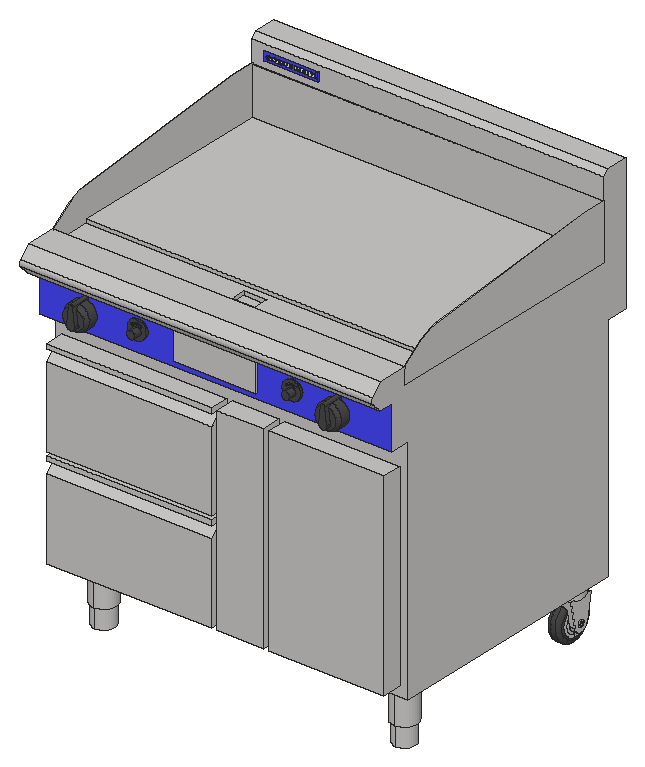
Revit family "QF_MOFFAT_BLUESEAL_CE_GP516-RB", category Specialty Equipment, Revit 2012
Parameters
  Weight in Pounds = 440  # constant formula
  Width [instance] = 900 mm  # constant formula
  Watts = Volts * FL Amps  # 414 W
  Volts = 230 V
  URL Cutsheet = "www.moffat.com"
  URL = "www.moffat.com"
  Type Mark [instance] = ""
  Status [instance] = ""
  Specification by User [instance] = ""
  Specification by Manufacturer = ""
  Show Logo [instance] = yes
  Show Door [instance] = no
  Show Clearance [instance] = yes
  Show Casters [instance] = yes
  Serial Number = ""
  Seismic Rating = ""
  SMACNA No = ""
  Revision Code [instance] = ""
  Phase = 1
  Omniclass Number and Title = ""
  Number of Poles = 1
  NAFEM Spec ID Number = ""
  Model = "GP516-RB"
  Min Ckt Ampacity = 0 A
  Mechanical Remarks = ""
  Mechanical Connection Type = ""
  Max Overcurrent Protection = 0 A
  Masterspec = ""
  Manufacturer = "MOFFAT BLUESEAL"
  Legs [instance] = not(Show Casters)  # no
  Item Number [instance] = ""
  Installed By [instance] = ""
  Identify Quantity as Lot [instance] = yes
  Height = 1085 mm  # constant formula
  HP = ""
  Gas Size = 3/4"
  Gas RI Height [instance] = 0 mm
  Gas KW = 22.2
  Gas Input = 75825.0 Btu/h
  Gas Connection Height = 0 mm
  Furnished By [instance] = ""
  Foodservice Equipment Identifier [instance] = yes
  FL Amps = 1.8 A
  Elec Conn RI Height = 0 mm
  Elec Conn Connection Height = 0 mm
  Drawer Clearance [instance] = and(Show Clearance, and(Drawer))  # yes
  Drawer [instance] = not(Show Door)  # yes
  Door Clearance [instance] = and(Show Clearance, and(Show Door))  # no
  Description = "900MM GAS GRIDDLE PLATE ON REFRIGERATED BASE"
  Depth [instance] = 812 mm  # constant formula
  Cycle = 50 Hz
  Conn Plug = ""
  Conn Conduit = yes
  CSI MasterFormat = ""
  CSI Master Format = ""
  Back Splash [instance] = 215 mm  # constant formula
  Apparent Power = if(Phase = 3, Volts * FL Amps * 1.73, Volts * FL Amps)  # 414 VA
Reference planes
  plane 1 "BACK": y = 0
  plane 2: z = 0
  plane 3 "LEFT": x = 0
  plane 4 "RIGHT": x = 900
  plane 5 "FRONT": y = -812
  plane 6 "TOP": z = 970
  plane 7 "Center Y": x = 450
  plane 8 "Center X": y = -406
  plane 9 "Base Height": z = 150
  plane 10: z = 915
  plane 11: x = 65
  plane 12: x = 834
  plane 13: y = -625
  plane 14: x = 770
  plane 15: z = 655
  plane 16: y = -32
  plane 17: z = 402
  plane 18: z = 1085
  plane 19: y = -100
Forms (mm)
  Extrusion 1, solid, material "QF_Finishes_Stainless Steel"
    sketch origin (0, 0, 0) x (0, 1, 0) y (0, 0, 1)
      loop
        line (-697, 150) -> (-57, 150) -> (-57, 740) -> (0, 740) -> (0, 1085) -> (-57.5, 1085) -> (-70, 1072.5) -> (-70, 875) -> (-705, 875) -> (-705, 915) -> (-783.97, 915) -> (-808.485, 890.485)
        arc (-808.485, 890.485) -> (-811.999, 882) -> (-808.485, 873.515) r 12
        line (-808.485, 873.515) -> (-784.97, 850) -> (-749, 850) -> (-749, 740) -> (-697, 740) -> (-697, 150)
    from 0 to 900
  Revolve 2, solid, material "QF_Finishes_Stainless Steel", visible <- "Legs"
    sketch origin (834, -210, 0) x (0, 1, 0) y (0, 0, -1)
      loop
        line (78.25, -150) -> (110, -150) -> (110, 0) -> (82.5, 0) -> (82.5, -50) -> (78.25, -50) -> (78.25, -150)
      axis (110, -150) -> (110, 0)
    angle from 0 to 360
  Revolve 3, solid, material "QF_Finishes_Stainless Steel"
    sketch origin (834, -735, 0) x (0, 1, 0) y (0, 0, -1)
      loop
        line (78.25, -150) -> (110, -150) -> (110, 0) -> (82.5, 0) -> (82.5, -50) -> (78.25, -50) -> (78.25, -150)
      axis (110, -150) -> (110, 0)
    angle from 0 to 360
  Revolve 4, solid, material "QF_Finishes_Stainless Steel", visible <- "Legs"
    sketch origin (65, -210, 0) x (0, 1, 0) y (0, 0, -1)
      loop
        line (78.25, -150) -> (110, -150) -> (110, 0) -> (82.5, 0) -> (82.5, -50) -> (78.25, -50) -> (78.25, -150)
      axis (110, -150) -> (110, 0)
    angle from 0 to 360
  Revolve 5, solid, material "QF_Finishes_Stainless Steel"
    sketch origin (65, -735, 0) x (0, 1, 0) y (0, 0, -1)
      loop
        line (78.25, -150) -> (110, -150) -> (110, 0) -> (82.5, 0) -> (82.5, -50) -> (78.25, -50) -> (78.25, -150)
      axis (110, -150) -> (110, 0)
    angle from 0 to 360
  Extrusion 6, solid, material "QF_Finishes_Stainless Steel"
    sketch origin (0, 0, 740) x (-1, 0, 0) y (0, 1, 0)
      loop
        circle (-770, -32) r 9.525
    from 0 to 85
  Extrusion 7, solid, material "QF_Finishes_Stainless Steel"
    sketch origin (0, -57, 685) x (0, 0, 1) y (1, 0, 0)
      loop
        circle (-265, 620) r 13.5
    from 0 to 3.18
  Revolve 8, solid, material "QF_Finishes_Black"
    sketch origin (127.5, 0, 597.8) x (0, 1, 0) y (0, 0, -1)
      loop
        line (-789, -229.5) -> (-766, -229.5) -> (-766, -202) -> (-756, -202) -> (-756, -197) -> (-800, -197) -> (-800, -223.651) -> (-789, -229.5)
      axis (-800, -197) -> (-756, -197)
    angle from 0 to 360
  Extrusion 9, solid, material "QF_Finishes_Black"
    sketch origin (265.77, 0, 597.958) x (-1, 0, 0) y (0, 0, -1)
      loop
        line (127.85, -186.037) -> (133.271, -228.955)
        arc (133.271, -228.955) -> (138.27, -233.842) -> (143.268, -228.955) r 5
        line (143.268, -228.955) -> (148.757, -184.87)
        arc (148.757, -184.87) -> (137.685, -174.371) -> (127.85, -186.037) r 10.487
    from 759 to 808
  Revolve 10, solid, material "QF_Finishes_Black"
    sketch origin (772.616, 0, 597.8) x (0, 1, 0) y (0, 0, -1)
      loop
        line (-789, -229.5) -> (-766, -229.5) -> (-766, -202) -> (-756, -202) -> (-756, -197) -> (-800, -197) -> (-800, -223.651) -> (-789, -229.5)
      axis (-800, -197) -> (-756, -197)
    angle from 0 to 360
  Extrusion 11, solid, material "QF_Finishes_Black"
    sketch origin (910.885, 0, 597.958) x (-1, 0, 0) y (0, 0, -1)
      loop
        line (127.85, -186.037) -> (133.271, -228.955)
        arc (133.271, -228.955) -> (138.27, -233.842) -> (143.268, -228.955) r 5
        line (143.268, -228.955) -> (148.757, -184.87)
        arc (148.757, -184.87) -> (137.685, -174.371) -> (127.85, -186.037) r 10.487
    from 759 to 808
  Revolve 12, solid, material "QF_Finishes_Stainless Steel", visible <- "Show Casters"
    sketch origin (485.423, -100.755, -12.798) x (1, 0, 0) y (0, 0, 1)
      loop
        line (314.841, 63.604) -> (383.584, 63.604) -> (383.584, 67.109) -> (382.314, 68.379) -> (380.79, 68.379) -> (380.79, 71.826) -> (368.644, 71.826) -> (368.644, 81.79) -> (365.088, 83.843) -> (363.738, 92.179) -> (365.881, 92.179) -> (365.881, 98.529) -> (365.088, 98.529) -> (365.088, 104.879)
        arc (365.088, 104.879) -> (362.298, 111.614) -> (355.563, 114.404) r 9.525
        line (355.563, 114.404) -> (342.863, 114.404)
        arc (342.863, 114.404) -> (336.127, 111.614) -> (333.338, 104.879) r 9.525
        line (333.338, 104.879) -> (333.338, 98.529) -> (332.544, 98.529) -> (332.544, 92.179) -> (334.687, 92.179) -> (333.352, 83.932) -> (329.782, 81.871) -> (329.782, 71.826) -> (317.635, 71.826) -> (317.635, 68.379) -> (316.111, 68.379) -> (314.841, 67.109) -> (314.841, 63.604)
      axis (314.841, 63.604) -> (383.584, 63.604)
    angle from 0 to 360
  Extrusion 13, solid, material "QF_Finishes_Stainless Steel", visible <- "Show Casters"
    sketch origin (841.147, 132.353, -9.137) x (0, 1, 0) y (0, 0, 1)
      loop
        line (-200.603, 118.783) -> (-264.103, 118.783) -> (-251.746, 53.895)
        arc (-251.746, 53.895) -> (-232.353, 38.783) -> (-212.959, 53.895) r 20
        line (-212.959, 53.895) -> (-200.603, 118.783)
    from -35.667 to 22.923
  Revolve 14, solid, material "QF_Finishes_Stainless Steel", visible <- "Show Casters"
    sketch origin (834.646, -204, -0.354) x (0, 1, 0) y (0, 0, 1)
      loop
        line (68.25, 150) -> (68.25, 110) -> (104, 110) -> (104, 150) -> (68.25, 150)
      axis (104, 150) -> (104, 110)
    angle from 0 to 360
  Revolve 15, solid, material "QF_Finishes_Stainless Steel", visible <- "Show Casters"
    sketch origin (-283.577, -100.755, -12.798) x (1, 0, 0) y (0, 0, 1)
      loop
        line (314.841, 63.604) -> (383.584, 63.604) -> (383.584, 67.109) -> (382.314, 68.379) -> (380.79, 68.379) -> (380.79, 71.826) -> (368.644, 71.826) -> (368.644, 81.79) -> (365.088, 83.843) -> (363.738, 92.179) -> (365.881, 92.179) -> (365.881, 98.529) -> (365.088, 98.529) -> (365.088, 104.879)
        arc (365.088, 104.879) -> (362.298, 111.614) -> (355.563, 114.404) r 9.525
        line (355.563, 114.404) -> (342.863, 114.404)
        arc (342.863, 114.404) -> (336.127, 111.614) -> (333.338, 104.879) r 9.525
        line (333.338, 104.879) -> (333.338, 98.529) -> (332.544, 98.529) -> (332.544, 92.179) -> (334.687, 92.179) -> (333.352, 83.932) -> (329.782, 81.871) -> (329.782, 71.826) -> (317.635, 71.826) -> (317.635, 68.379) -> (316.111, 68.379) -> (314.841, 67.109) -> (314.841, 63.604)
      axis (314.841, 63.604) -> (383.584, 63.604)
    angle from 0 to 360
  Extrusion 16, solid, material "QF_Finishes_Stainless Steel", visible <- "Show Casters"
    sketch origin (72.147, 132.353, -9.137) x (0, 1, 0) y (0, 0, 1)
      loop
        line (-200.603, 118.783) -> (-264.103, 118.783) -> (-251.746, 53.895)
        arc (-251.746, 53.895) -> (-232.353, 38.783) -> (-212.959, 53.895) r 20
        line (-212.959, 53.895) -> (-200.603, 118.783)
    from -35.667 to 22.923
  Revolve 17, solid, material "QF_Finishes_Stainless Steel", visible <- "Show Casters"
    sketch origin (65.646, -204, -0.354) x (0, 1, 0) y (0, 0, 1)
      loop
        line (68.25, 150) -> (68.25, 110) -> (104, 110) -> (104, 150) -> (68.25, 150)
      axis (104, 150) -> (104, 110)
    angle from 0 to 360
  Extrusion 18, solid, material "QF_Finishes_Stainless Steel"
    sketch origin (0, -749, 866) x (0, 0, -1) y (1, 0, 0)
      loop
        line (112.1, 345) -> (112.1, 555) -> (25.201, 555) -> (25.201, 345) -> (112.1, 345)
    from 0 to 2
  Extrusion 19, solid, material "QF_Finishes_Stainless Steel"
    sketch origin (0, -751, 866) x (0, 0, -1) y (1, 0, 0)
      loop
        line (31, 555) -> (24, 555) -> (24, 345) -> (31, 345) -> (31, 555)
    from 0 to 5
  Extrusion 20, solid, material "QF_Finishes_Black"
    sketch origin (17.5, -749, 864.306) x (0, 0, -1) y (1, 0, 0)
      loop
        circle (70, 235) r 24
      loop
        arc (60.1, 249.913) -> (52.064, 235.125) -> (59.882, 220.219) r 17.868
        arc (59.882, 220.219) -> (60.362, 219.934) -> (60.877, 220.149) r 0.621
        arc (60.877, 220.149) -> (62.314, 222.708) -> (62.658, 225.622) r 7.495
        arc (62.658, 225.622) -> (62.454, 226.55) -> (62.006, 227.388) r 3.472
        arc (62.006, 227.388) -> (59.714, 234.851) -> (61.844, 242.362) r 13.786
        arc (61.844, 242.362) -> (62.484, 243.632) -> (62.749, 245.028) r 5.101
        arc (62.749, 245.028) -> (62.378, 247.547) -> (61.084, 249.739) r 6.611
        arc (61.084, 249.739) -> (60.622, 249.997) -> (60.1, 249.913) r 0.806
    from 0 to 5
  Extrusion 21, solid, material "QF_Finishes_Black"
    sketch origin (17.5, -754, 864.306) x (0, 0, -1) y (1, 0, 0)
      loop
        circle (73.5, 235) r 10
    from 0 to 18.251
  Extrusion 22, solid, material "QF_Finishes_Black"
    sketch origin (413.125, -749, 864.306) x (0, 0, -1) y (1, 0, 0)
      loop
        circle (70, 235) r 24
      loop
        arc (60.1, 249.913) -> (52.064, 235.125) -> (59.882, 220.219) r 17.868
        arc (59.882, 220.219) -> (60.362, 219.934) -> (60.877, 220.149) r 0.621
        arc (60.877, 220.149) -> (62.314, 222.708) -> (62.658, 225.622) r 7.495
        arc (62.658, 225.622) -> (62.454, 226.55) -> (62.006, 227.388) r 3.472
        arc (62.006, 227.388) -> (59.714, 234.851) -> (61.844, 242.362) r 13.786
        arc (61.844, 242.362) -> (62.484, 243.632) -> (62.749, 245.028) r 5.101
        arc (62.749, 245.028) -> (62.378, 247.547) -> (61.084, 249.739) r 6.611
        arc (61.084, 249.739) -> (60.622, 249.997) -> (60.1, 249.913) r 0.806
    from 0 to 5
  Extrusion 23, solid, material "QF_Finishes_Black"
    sketch origin (413.125, -754, 864.306) x (0, 0, -1) y (1, 0, 0)
      loop
        circle (73.5, 235) r 10
    from 0 to 18.251
  Extrusion 24, solid, material "QF_Finishes_Stainless Steel"
    sketch origin (0, 0, 0) x (0, 1, 0) y (0, 0, 1)
      loop
        line (-699, 678) -> (-747, 678) -> (-747, 665) -> (-715.13, 665) -> (-749, 636.579) -> (-749, 431) -> (-699, 431) -> (-699, 678)
      loop
        line (-749, 175) -> (-699, 175) -> (-699, 421) -> (-747, 421) -> (-747, 408) -> (-715.13, 408) -> (-749, 379.579) -> (-749, 175)
    from 17.986 to 440
  Extrusion 25, solid, material "QF_Finishes_Stainless Steel"
    sketch origin (723.5, 0, 0) x (0, 1, 0) y (0, 0, 1)
      loop
        line (-699, 678) -> (-749, 678) -> (-749, 175) -> (-699, 175) -> (-699, 678)
    from -270.5 to -150.5
  Extrusion 26, solid, material "QF_Door-Drawer Clearances", visible <- "Show Clearance", detail levels coarse
    sketch origin (0, -749, 676) x (0, 0, -1) y (1, 0, 0)
      loop
        line (501, 440) -> (255, 440) -> (255, 17.986) -> (501, 17.986) -> (501, 440)
      loop
        line (245, 440) -> (-2, 440) -> (-2, 17.986) -> (245, 17.986) -> (245, 440)
    from 0 to 304.8
  Extrusion 27, solid, material "QF_Finishes_Stainless Steel"
    sketch origin (1031.5, 0, 0) x (0, 1, 0) y (0, 0, 1)
      loop
        line (-699, 678) -> (-749, 678) -> (-749, 175) -> (-699, 175) -> (-699, 678)
    from -444.5 to -150.5
Cuts and joins
  joined: Extrusion 18, Extrusion 19
Lines and regions (mm)
  Split face 1
    outline origin (0, 612.322, 1085) x (0, -1, 0) y (1, 0, 0)
      loop
        arc (657.707, 566) -> (652.707, 574.66) -> (642.707, 574.66) r 10
        line (642.707, 574.66) -> (635.707, 570.619)
        arc (635.707, 570.619) -> (632.047, 566.959) -> (630.707, 561.959) r 10
        line (630.707, 561.959) -> (630.707, 334)
        arc (630.707, 334) -> (635.707, 325.34) -> (645.707, 325.34) r 10
        line (645.707, 325.34) -> (652.707, 329.381)
        arc (652.707, 329.381) -> (656.368, 333.041) -> (657.707, 338.041) r 10
        line (657.707, 338.041) -> (657.707, 566)
  Split face 2
    outline origin (0, 612.322, 1085) x (0, -1, 0) y (1, 0, 0)
      loop
        arc (630.707, 624) -> (635.707, 615.34) -> (645.707, 615.34) r 10
        line (645.707, 615.34) -> (652.707, 619.381)
        arc (652.707, 619.381) -> (656.368, 623.041) -> (657.707, 628.041) r 10
        line (657.707, 628.041) -> (657.707, 856)
        arc (657.707, 856) -> (652.707, 864.66) -> (642.707, 864.66) r 10
        line (642.707, 864.66) -> (635.707, 860.619)
        arc (635.707, 860.619) -> (632.047, 856.959) -> (630.707, 851.959) r 10
        line (630.707, 851.959) -> (630.707, 624)
  Split face 3
    outline origin (0, 612.322, 1085) x (0, -1, 0) y (1, 0, 0)
      loop
        arc (657.707, 276) -> (652.707, 284.66) -> (642.707, 284.66) r 10
        line (642.707, 284.66) -> (635.707, 280.619)
        arc (635.707, 280.619) -> (632.047, 276.959) -> (630.707, 271.959) r 10
        line (630.707, 271.959) -> (630.707, 44)
        arc (630.707, 44) -> (635.707, 35.34) -> (645.707, 35.34) r 10
        line (645.707, 35.34) -> (652.707, 39.381)
        arc (652.707, 39.381) -> (656.368, 43.041) -> (657.707, 48.041) r 10
        line (657.707, 48.041) -> (657.707, 276)
  Split face 4
    outline origin (345, -751, 753.9) x (0, 0, -1) y (1, 0, 0)
      loop
        arc (-69, 112) -> (-73, 116) -> (-77, 112) r 4
        line (-77, 112) -> (-77, 98)
        arc (-77, 98) -> (-73, 94) -> (-69, 98) r 4
        line (-69, 98) -> (-69, 112)
  Split face 5
    outline origin (1031.5, -749, 676) x (0, 0, -1) y (1, 0, 0)
      loop
        line (291.62, -416.534) -> (481.62, -416.534) -> (481.62, -181.534) -> (291.62, -181.534) -> (291.62, -416.534)
  Split face 6
    outline origin (1031.5, -749, 931) x (0, 0, -1) y (1, 0, 0)
      loop
        line (291.62, -416.534) -> (356.62, -416.534) -> (356.62, -181.534) -> (291.62, -181.534) -> (291.62, -416.534)
  Split face 7
    outline origin (1031.5, -749, 807.725) x (0, 0, -1) y (1, 0, 0)
      loop
        line (307.841, -274.649) -> (342.841, -274.649) -> (342.841, -219.649) -> (307.841, -219.649) -> (307.841, -274.649)
  Split face 8
    outline origin (939.097, -749, 808.536) x (0, 0, -1) y (1, 0, 0)
      loop
        line (307.841, -274.649) -> (342.841, -274.649) -> (342.841, -239.649) -> (307.841, -239.649) -> (307.841, -274.649)
  symbolic lines
    curve 1: line (0, 0, 0) -> (0, -812, 0)
    curve 2: line (900, 0, 0) -> (0, 0, 0)
    curve 3: line (900, -812, 0) -> (900, 0, 0)
    curve 4: line (0, -812, 0) -> (900, -812, 0)
    curve 13: line (0, -783.97, 0) -> (900, -783.97, 0)
    curve 14: line (44, -18.385, 0) -> (271.959, -18.385, 0)
    curve 15: arc (271.959, -18.385, 0) -> (276.959, -19.725, 0) -> (280.619, -23.385, 0) r 10
    curve 16: line (280.619, -23.385, 0) -> (284.66, -30.385, 0)
    curve 17: arc (284.66, -30.385, 0) -> (284.66, -40.385, 0) -> (276, -45.385, 0) r 10
    curve 18: line (276, -45.385, 0) -> (48.041, -45.385, 0)
    curve 19: arc (48.041, -45.385, 0) -> (43.041, -44.045, 0) -> (39.381, -40.385, 0) r 10
    curve 20: line (39.381, -40.385, 0) -> (35.34, -33.385, 0)
    curve 21: arc (35.34, -33.385, 0) -> (35.34, -23.385, 0) -> (44, -18.385, 0) r 10
    curve 22: line (561.959, -18.385, 0) -> (334, -18.385, 0)
    curve 23: arc (334, -18.385, 0) -> (325.34, -23.385, 0) -> (325.34, -33.385, 0) r 10
    curve 24: line (325.34, -33.385, 0) -> (329.381, -40.385, 0)
    curve 25: arc (329.381, -40.385, 0) -> (333.041, -44.045, 0) -> (338.041, -45.385, 0) r 10
    curve 26: line (338.041, -45.385, 0) -> (566, -45.385, 0)
    curve 27: arc (566, -45.385, 0) -> (574.66, -40.385, 0) -> (574.66, -30.385, 0) r 10
    curve 28: line (574.66, -30.385, 0) -> (570.619, -23.385, 0)
    curve 29: arc (570.619, -23.385, 0) -> (566.959, -19.725, 0) -> (561.959, -18.385, 0) r 10
    curve 30: line (851.959, -18.385, 0) -> (624, -18.385, 0)
    curve 31: arc (624, -18.385, 0) -> (615.34, -23.385, 0) -> (615.34, -33.385, 0) r 10
    curve 32: line (615.34, -33.385, 0) -> (619.381, -40.385, 0)
    curve 33: arc (619.381, -40.385, 0) -> (623.041, -44.045, 0) -> (628.041, -45.385, 0) r 10
    curve 34: line (628.041, -45.385, 0) -> (856, -45.385, 0)
    curve 35: arc (856, -45.385, 0) -> (864.66, -40.385, 0) -> (864.66, -30.385, 0) r 10
    curve 36: line (864.66, -30.385, 0) -> (860.619, -23.385, 0)
    curve 37: arc (860.619, -23.385, 0) -> (856.959, -19.725, 0) -> (851.959, -18.385, 0) r 10
    curve 38: line (900, -57, 0) -> (0, -57, 0)
  symbolic lines, style "SpecialityEquipmentHiddenLines", visible <- "Show Casters"
    curve 5: line (875.952, -62.61, 0) -> (825.152, -150.598, 0)
    curve 6: line (848.456, -46.735, 0) -> (875.952, -62.61, 0)
    curve 7: line (797.656, -134.723, 0) -> (848.456, -46.735, 0)
    curve 8: line (825.152, -150.598, 0) -> (797.656, -134.723, 0)
    curve 9: line (106.952, -62.61, 0) -> (56.152, -150.598, 0)
    curve 10: line (79.456, -46.735, 0) -> (106.952, -62.61, 0)
    curve 11: line (28.656, -134.723, 0) -> (79.456, -46.735, 0)
    curve 12: line (56.152, -150.598, 0) -> (28.656, -134.723, 0)
  symbolic lines, style "QF_Door-Drawer Clearances"
    curve 39: line (17.986, -1053.8, 0) -> (17.986, -812, 0)
    curve 40: line (17.986, -1053.8, 0) -> (440, -1053.8, 0)
    curve 41: line (440, -1053.8, 0) -> (440, -812, 0)
Dimensions and locks
  equal spacing: plane 3 "LEFT", plane 7 "Center Y", plane 4 "RIGHT"
  "Width": plane 3 "LEFT" to plane 4 "RIGHT"
  equal spacing: plane 5 "FRONT", plane 8 "Center X", plane 1 "BACK"
  "Depth": plane 5 "FRONT" to plane 1 "BACK"
  locked: plane 10 to level at 915
  locked: plane 9 "Base Height" to level at 150
  plane 6 "TOP" to plane 10 = 55 mm
  plane 12 to plane 11 = 769 mm
  plane 14 to plane 4 "RIGHT" = 130 mm
  plane 15 to level = 655 mm
  plane 16 to plane 1 "BACK" = 32 mm
  plane 17 to level = 402 mm
  Revolve 12 sketch curve to Revolve 12 sketch curve = 50.8 mm
  Revolve 15 sketch curve to Revolve 15 sketch curve = 50.8 mm
  "Height": plane 18 to level
  Extrusion 7 sketch curve to plane 4 "RIGHT" = 280 mm
  Extrusion 7 sketch curve to level = 420 mm
  Extrusion 6 sketch curve to plane 4 "RIGHT" = 130 mm
  aligned and locked: level to plane 2
Automatic sketch dimensions
  Extrusion 1 sketch curve to plane 10 = 0 mm
  Extrusion 1 sketch curve to plane 9 "Base Height" = 0 mm
  Extrusion 1 sketch curve to plane 18 = 0 mm
  Extrusion 1 sketch curve to plane 1 "BACK" = 0 mm
  Extrusion 1 sketch curve to plane 16 = 25 mm
  Extrusion 1 sketch curve to plane 16 = 25.5 mm
  Extrusion 1 sketch curve to plane 19 = 30 mm
  Extrusion 1 sketch curve to plane 13 = 72 mm
  Extrusion 1 sketch curve to plane 13 = 80 mm
  Extrusion 1 sketch curve to Extrusion 1 sketch curve = 44 mm
  Extrusion 1 sketch curve to plane 5 "FRONT" = 28.03 mm
  Extrusion 1 sketch curve to plane 5 "FRONT" = 27.03 mm
  Extrusion 1 sketch curve to plane 5 "FRONT" = 12.001 mm
  Extrusion 1 sketch curve to plane 5 "FRONT" = 3.515 mm  (x2)
  plane 15 to Extrusion 1 sketch curve = 85 mm  (x2)
  Extrusion 1 sketch curve to plane 10 = 65 mm
  Extrusion 1 sketch curve to Extrusion 1 sketch curve = 23.515 mm
  Extrusion 1 sketch curve to Extrusion 1 sketch curve = 40 mm
  Extrusion 1 sketch curve to Extrusion 1 sketch curve = 8.485 mm
  Extrusion 1 sketch curve to plane 18 = 12.5 mm
  Revolve 2 sketch curve to plane 9 "Base Height" = 0 mm
  Revolve 2 sketch curve to level = 0 mm
  Revolve 2 sketch curve to plane 19 = 0 mm  (x2)
  plane 19 to Revolve 2 sketch curve = 27.5 mm
  plane 19 to Revolve 2 sketch curve = 31.75 mm
  level to Revolve 2 sketch curve = 50 mm
  Revolve 2 sketch curve to Revolve 2 sketch curve = 0 mm
  Revolve 2 sketch curve to Revolve 2 sketch curve = 55 mm
  Revolve 3 sketch curve to plane 9 "Base Height" = 0 mm
  Revolve 3 sketch curve to level = 0 mm
  Revolve 3 sketch curve to plane 13 = 0 mm  (x2)
  Revolve 3 sketch curve to plane 13 = 27.5 mm
  Revolve 3 sketch curve to plane 13 = 31.75 mm
  level to Revolve 3 sketch curve = 50 mm
  Revolve 3 sketch curve to Revolve 3 sketch curve = 0 mm
  Revolve 3 sketch curve to Revolve 3 sketch curve = 55 mm
  Revolve 4 sketch curve to plane 9 "Base Height" = 0 mm
  Revolve 4 sketch curve to level = 0 mm
  Revolve 4 sketch curve to plane 19 = 0 mm  (x2)
  plane 19 to Revolve 4 sketch curve = 27.5 mm
  plane 19 to Revolve 4 sketch curve = 31.75 mm
  level to Revolve 4 sketch curve = 50 mm
  Revolve 4 sketch curve to Revolve 4 sketch curve = 0 mm
  Revolve 4 sketch curve to Revolve 4 sketch curve = 55 mm
  Revolve 5 sketch curve to plane 9 "Base Height" = 0 mm
  Revolve 5 sketch curve to level = 0 mm
  Revolve 5 sketch curve to plane 13 = 0 mm  (x2)
  Revolve 5 sketch curve to plane 13 = 27.5 mm
  Revolve 5 sketch curve to plane 13 = 31.75 mm
  level to Revolve 5 sketch curve = 50 mm
  Revolve 5 sketch curve to Revolve 5 sketch curve = 0 mm
  Revolve 5 sketch curve to Revolve 5 sketch curve = 55 mm
  Extrusion 6 sketch curve to Extrusion 1 = 25 mm
  Revolve 8 sketch curve to plane 5 "FRONT" = 12 mm
  Revolve 8 sketch curve to Revolve 8 sketch curve = 0 mm  (x2)
  Revolve 8 sketch curve to Revolve 8 sketch curve = 11 mm
  Revolve 8 sketch curve to Revolve 8 sketch curve = 12.7 mm
  Revolve 8 sketch curve to Revolve 8 sketch curve = 23 mm
  Revolve 8 sketch curve to Revolve 8 sketch curve = 10 mm
  Revolve 8 sketch curve to plane 10 = 87.7 mm
  Revolve 8 sketch curve to Revolve 8 sketch curve = 5.849 mm
  Revolve 8 sketch curve to Revolve 8 sketch curve = 27.5 mm
  Revolve 8 sketch curve to Revolve 8 sketch curve = 5 mm
  plane 11 to Extrusion 9 sketch curve = 72.919 mm
  Extrusion 9 sketch curve to Extrusion 9 sketch curve = 5.421 mm
  Extrusion 9 sketch curve to Extrusion 9 sketch curve = 10.419 mm
  Extrusion 9 sketch curve to Extrusion 9 sketch curve = 4.999 mm  (x2)
  Extrusion 9 sketch curve to plane 10 = 88.087 mm
  Extrusion 9 sketch curve to Extrusion 9 sketch curve = 10.487 mm
  Extrusion 9 sketch curve to Extrusion 9 sketch curve = 0.113 mm
  Extrusion 9 sketch curve to Extrusion 9 sketch curve = 42.919 mm
  Extrusion 9 sketch curve to Extrusion 9 sketch curve = 1.167 mm
  Revolve 10 sketch curve to plane 5 "FRONT" = 12 mm
  Revolve 10 sketch curve to Revolve 10 sketch curve = 0 mm  (x2)
  Revolve 10 sketch curve to Revolve 10 sketch curve = 11 mm
  Revolve 10 sketch curve to Revolve 10 sketch curve = 12.7 mm
  Revolve 10 sketch curve to Revolve 10 sketch curve = 23 mm
  Revolve 10 sketch curve to Revolve 10 sketch curve = 10 mm
  Revolve 10 sketch curve to plane 10 = 87.7 mm
  Revolve 10 sketch curve to Revolve 10 sketch curve = 5.849 mm
  Revolve 10 sketch curve to Revolve 10 sketch curve = 27.5 mm
  Revolve 10 sketch curve to Revolve 10 sketch curve = 5 mm
  Extrusion 11 sketch curve to Extrusion 11 sketch curve = 5.421 mm
  Extrusion 11 sketch curve to Extrusion 11 sketch curve = 10.419 mm
  Extrusion 11 sketch curve to Extrusion 11 sketch curve = 4.999 mm  (x2)
  Extrusion 11 sketch curve to Extrusion 11 sketch curve = 10.487 mm
  Extrusion 11 sketch curve to plane 10 = 88.087 mm
  Extrusion 11 sketch curve to Extrusion 11 sketch curve = 0.113 mm
  Extrusion 11 sketch curve to Extrusion 11 sketch curve = 42.919 mm
  Extrusion 11 sketch curve to Extrusion 11 sketch curve = 1.167 mm
  plane 14 to Revolve 12 sketch curve = 30.264 mm
  Revolve 12 sketch curve to Revolve 12 sketch curve = 1.27 mm  (x4)
  Revolve 12 sketch curve to Revolve 12 sketch curve = 1.524 mm  (x2)
  Revolve 12 sketch curve to Revolve 12 sketch curve = 12.146 mm  (x2)
  plane 12 to Revolve 12 sketch curve = 16.033 mm
  Revolve 12 sketch curve to Revolve 12 sketch curve = 0.794 mm  (x2)
  Revolve 12 sketch curve to Revolve 12 sketch curve = 3.57 mm
  Revolve 12 sketch curve to Revolve 12 sketch curve = 2.143 mm
  plane 12 to Revolve 12 sketch curve = 5.715 mm
  Revolve 12 sketch curve to plane 12 = 5.776 mm
  Revolve 12 sketch curve to plane 12 = 6.985 mm
  Revolve 12 sketch curve to Revolve 12 sketch curve = 8.176 mm
  Revolve 12 sketch curve to Revolve 12 sketch curve = 1.349 mm  (x2)
  Revolve 12 sketch curve to Revolve 12 sketch curve = 3.556 mm
  Revolve 12 sketch curve to plane 4 "RIGHT" = 2.327 mm
  level to Revolve 12 sketch curve = 50.806 mm
  Revolve 12 sketch curve to Revolve 12 sketch curve = 0 mm
  Revolve 12 sketch curve to Revolve 12 sketch curve = 3.505 mm  (x2)
  Revolve 12 sketch curve to Revolve 12 sketch curve = 3.447 mm  (x2)
  Revolve 12 sketch curve to Revolve 12 sketch curve = 9.964 mm
  Revolve 12 sketch curve to Revolve 12 sketch curve = 10.045 mm
  Revolve 12 sketch curve to Revolve 12 sketch curve = 2.053 mm
  Revolve 12 sketch curve to Revolve 12 sketch curve = 2.061 mm
  Revolve 12 sketch curve to Revolve 12 sketch curve = 8.247 mm
  Revolve 12 sketch curve to Revolve 12 sketch curve = 8.336 mm
  Revolve 12 sketch curve to Revolve 12 sketch curve = 6.35 mm  (x2)
  Extrusion 13 sketch curve to plane 19 = 0 mm
  plane 19 to Extrusion 13 sketch curve = 19.393 mm
  plane 19 to Extrusion 13 sketch curve = 31.75 mm
  Extrusion 13 sketch curve to plane 19 = 19.393 mm
  Extrusion 13 sketch curve to plane 19 = 31.75 mm
  level to Extrusion 13 sketch curve = 44.758 mm
  Extrusion 13 sketch curve to Extrusion 13 sketch curve = 4.889 mm
  Extrusion 13 sketch curve to plane 9 "Base Height" = 40.354 mm
  Revolve 14 sketch curve to plane 19 = 0 mm  (x2)
  Revolve 14 sketch curve to plane 9 "Base Height" = 0.354 mm
  Revolve 14 sketch curve to Revolve 14 sketch curve = 35.75 mm
  Revolve 14 sketch curve to Revolve 14 sketch curve = 40 mm
  level to Revolve 14 sketch curve = 49.646 mm
  Revolve 14 sketch curve to level = 55.354 mm
  plane 3 "LEFT" to Revolve 15 sketch curve = 31.264 mm
  Revolve 15 sketch curve to Revolve 15 sketch curve = 1.27 mm  (x4)
  Revolve 15 sketch curve to Revolve 15 sketch curve = 1.524 mm  (x2)
  Revolve 15 sketch curve to Revolve 15 sketch curve = 12.146 mm  (x2)
  Revolve 15 sketch curve to plane 11 = 16.033 mm
  Revolve 15 sketch curve to Revolve 15 sketch curve = 0.794 mm  (x2)
  Revolve 15 sketch curve to Revolve 15 sketch curve = 3.57 mm
  Revolve 15 sketch curve to Revolve 15 sketch curve = 2.143 mm
  Revolve 15 sketch curve to plane 11 = 5.715 mm
  plane 11 to Revolve 15 sketch curve = 5.776 mm
  plane 11 to Revolve 15 sketch curve = 6.985 mm
  Revolve 15 sketch curve to Revolve 15 sketch curve = 8.176 mm
  Revolve 15 sketch curve to Revolve 15 sketch curve = 1.349 mm  (x2)
  Revolve 15 sketch curve to Revolve 15 sketch curve = 3.556 mm
  Revolve 15 sketch curve to Revolve 15 sketch curve = 33.32 mm
  level to Revolve 15 sketch curve = 50.806 mm
  Revolve 15 sketch curve to Revolve 15 sketch curve = 0 mm
  Revolve 15 sketch curve to Revolve 15 sketch curve = 3.505 mm  (x2)
  Revolve 15 sketch curve to Revolve 15 sketch curve = 3.447 mm  (x2)
  Revolve 15 sketch curve to Revolve 15 sketch curve = 9.964 mm
  Revolve 15 sketch curve to Revolve 15 sketch curve = 10.045 mm
  Revolve 15 sketch curve to Revolve 15 sketch curve = 2.053 mm
  Revolve 15 sketch curve to Revolve 15 sketch curve = 2.061 mm
  Revolve 15 sketch curve to Revolve 15 sketch curve = 8.247 mm
  Revolve 15 sketch curve to Revolve 15 sketch curve = 8.336 mm
  Revolve 15 sketch curve to Revolve 15 sketch curve = 6.35 mm  (x2)
  Extrusion 16 sketch curve to plane 19 = 0 mm
  plane 19 to Extrusion 16 sketch curve = 19.393 mm
  plane 19 to Extrusion 16 sketch curve = 31.75 mm
  Extrusion 16 sketch curve to plane 19 = 19.393 mm
  Extrusion 16 sketch curve to plane 19 = 31.75 mm
  level to Extrusion 16 sketch curve = 44.758 mm
  Extrusion 16 sketch curve to Extrusion 16 sketch curve = 4.889 mm
  Extrusion 16 sketch curve to plane 9 "Base Height" = 40.354 mm
  Revolve 17 sketch curve to plane 19 = 0 mm  (x2)
  Revolve 17 sketch curve to plane 9 "Base Height" = 0.354 mm
  plane 19 to Revolve 17 sketch curve = 35.75 mm
  Revolve 17 sketch curve to Revolve 17 sketch curve = 40 mm
  level to Revolve 17 sketch curve = 49.646 mm
  Revolve 17 sketch curve to level = 55.354 mm
  Split face 1 sketch curve to Extrusion 1 = 18.385 mm
  Split face 1 sketch curve to Split face 1 sketch curve = 5 mm  (x2)
  Split face 1 sketch curve to Split face 1 sketch curve = 10 mm  (x3)
  Split face 1 sketch curve to Split face 1 sketch curve = 7 mm  (x4)
  Split face 1 sketch curve to Extrusion 1 = 325.34 mm
  Split face 1 sketch curve to Split face 1 sketch curve = 4.041 mm  (x2)
  Split face 1 sketch curve to Split face 1 sketch curve = 223.917 mm
  Split face 2 sketch curve to Extrusion 1 = 18.385 mm
  Split face 2 sketch curve to Split face 2 sketch curve = 5 mm  (x3)
  Split face 2 sketch curve to Split face 2 sketch curve = 10 mm  (x2)
  Split face 2 sketch curve to Split face 2 sketch curve = 7 mm  (x4)
  Split face 2 sketch curve to Extrusion 1 = 284.66 mm
  Split face 2 sketch curve to Split face 2 sketch curve = 4.041 mm  (x2)
  Split face 2 sketch curve to Extrusion 1 = 48.041 mm
  Split face 3 sketch curve to Extrusion 1 = 18.385 mm
  Split face 3 sketch curve to Split face 3 sketch curve = 5 mm  (x2)
  Split face 3 sketch curve to Split face 3 sketch curve = 10 mm  (x3)
  Split face 3 sketch curve to Split face 3 sketch curve = 7 mm  (x4)
  Split face 3 sketch curve to Extrusion 1 = 35.34 mm
  Split face 3 sketch curve to Split face 3 sketch curve = 4.041 mm  (x2)
  Split face 3 sketch curve to Split face 3 sketch curve = 223.917 mm
  Extrusion 18 sketch curve to Extrusion 1 = 9.201 mm
  Extrusion 18 sketch curve to Extrusion 1 = 13.9 mm
  Extrusion 1 to Extrusion 18 sketch curve = 345 mm
  Extrusion 18 sketch curve to Extrusion 18 sketch curve = 210 mm
  Extrusion 19 sketch curve to Extrusion 18 = 0 mm  (x2)
  Extrusion 18 to Extrusion 19 sketch curve = 1.201 mm
  Extrusion 19 sketch curve to Extrusion 18 = 5.799 mm
  cut or joined group of Extrusion 18, Extrusion 19 to Split face 4 sketch curve = 4.1 mm
  Split face 4 sketch curve to Split face 4 sketch curve = 4 mm
  Split face 4 sketch curve to cut or joined group of Extrusion 18, Extrusion 19 = 98 mm
  Split face 4 sketch curve to Split face 4 sketch curve = 14 mm
  plane 14 to Extrusion 11 sketch curve = 13.035 mm
  Extrusion 20 sketch curve to plane 10 = 105.881 mm
  Extrusion 20 sketch curve to Extrusion 20 sketch curve = 0.958 mm
  Extrusion 20 sketch curve to Extrusion 20 sketch curve = 1.509 mm
  Extrusion 20 sketch curve to Extrusion 20 sketch curve = 4.01 mm
  Extrusion 20 sketch curve to Extrusion 20 sketch curve = 0.685 mm
  Extrusion 20 sketch curve to Extrusion 20 sketch curve = 2.447 mm
  Extrusion 20 sketch curve to Extrusion 20 sketch curve = 0.524 mm
  Extrusion 20 sketch curve to Extrusion 20 sketch curve = 0.381 mm
  Extrusion 20 sketch curve to Extrusion 20 sketch curve = 0.472 mm
  Extrusion 20 sketch curve to Extrusion 20 sketch curve = 0 mm  (x5)
  Extrusion 20 sketch curve to Extrusion 20 sketch curve = 0.602 mm
  Extrusion 20 sketch curve to Extrusion 20 sketch curve = 4.19 mm
  Extrusion 20 sketch curve to Extrusion 20 sketch curve = 2.809 mm
  Extrusion 20 sketch curve to Extrusion 20 sketch curve = 0.652 mm
  Extrusion 20 sketch curve to Extrusion 20 sketch curve = 0.905 mm
  Extrusion 20 sketch curve to Extrusion 20 sketch curve = 8.087 mm
  Extrusion 20 sketch curve to Extrusion 20 sketch curve = 0.069 mm
  Extrusion 20 sketch curve to Extrusion 20 sketch curve = 3.5 mm
  plane 11 to Extrusion 20 sketch curve = 172.649 mm
  Extrusion 20 sketch curve to Extrusion 20 sketch curve = 0.07 mm
  Extrusion 20 sketch curve to Extrusion 20 sketch curve = 7.606 mm
  Extrusion 20 sketch curve to Extrusion 20 sketch curve = 0.007 mm
  Extrusion 22 sketch curve to plane 10 = 105.881 mm
  Extrusion 22 sketch curve to Extrusion 22 sketch curve = 0.958 mm
  Extrusion 22 sketch curve to Extrusion 22 sketch curve = 1.509 mm
  Extrusion 22 sketch curve to Extrusion 22 sketch curve = 4.01 mm
  Extrusion 22 sketch curve to Extrusion 22 sketch curve = 0.685 mm
  Extrusion 22 sketch curve to Extrusion 22 sketch curve = 2.447 mm
  Extrusion 22 sketch curve to Extrusion 22 sketch curve = 0.524 mm
  Extrusion 22 sketch curve to Extrusion 22 sketch curve = 0.381 mm
  Extrusion 22 sketch curve to Extrusion 22 sketch curve = 0.472 mm
  Extrusion 22 sketch curve to Extrusion 22 sketch curve = 0 mm  (x5)
  Extrusion 22 sketch curve to Extrusion 22 sketch curve = 0.602 mm
  Extrusion 22 sketch curve to Extrusion 22 sketch curve = 4.19 mm
  Extrusion 22 sketch curve to Extrusion 22 sketch curve = 2.809 mm
  Extrusion 22 sketch curve to Extrusion 22 sketch curve = 0.652 mm
  Extrusion 22 sketch curve to Extrusion 22 sketch curve = 0.905 mm
  Extrusion 22 sketch curve to Extrusion 22 sketch curve = 8.087 mm
  Extrusion 22 sketch curve to Extrusion 22 sketch curve = 0.069 mm
  Extrusion 22 sketch curve to Extrusion 22 sketch curve = 3.5 mm
  Extrusion 22 sketch curve to plane 14 = 136.726 mm
  Extrusion 22 sketch curve to Extrusion 22 sketch curve = 0.07 mm
  Extrusion 22 sketch curve to Extrusion 22 sketch curve = 7.606 mm
  Extrusion 22 sketch curve to Extrusion 22 sketch curve = 0.007 mm
  Extrusion 24 sketch curve to plane 15 = 18.421 mm
  Extrusion 24 sketch curve to plane 5 "FRONT" = 63 mm  (x2)
  plane 9 "Base Height" to Extrusion 24 sketch curve = 25 mm
  plane 17 to Extrusion 24 sketch curve = 6 mm
  Extrusion 24 sketch curve to Extrusion 24 sketch curve = 2 mm  (x2)
  plane 15 to Extrusion 24 sketch curve = 10 mm
  Extrusion 24 sketch curve to Extrusion 24 sketch curve = 31.87 mm  (x2)
  Extrusion 24 sketch curve to Extrusion 24 sketch curve = 50 mm
  Extrusion 24 sketch curve to Extrusion 24 sketch curve = 0 mm
  Extrusion 24 sketch curve to plane 17 = 22.421 mm
  plane 17 to Extrusion 24 sketch curve = 19 mm
  Extrusion 24 sketch curve to Extrusion 24 sketch curve = 10 mm
  Extrusion 24 sketch curve to Extrusion 24 sketch curve = 13 mm
  plane 9 "Base Height" to Extrusion 25 sketch curve = 25 mm
  Extrusion 25 sketch curve to plane 5 "FRONT" = 63 mm
  Extrusion 25 sketch curve to Extrusion 25 sketch curve = 50 mm
  plane 15 to Extrusion 25 sketch curve = 23 mm
  Extrusion 26 sketch curve to Extrusion 24 = 0 mm  (x3)
  Extrusion 24 to Extrusion 26 sketch curve = 0 mm  (x2)
  Extrusion 24 to Extrusion 26 sketch curve = 41.421 mm
  Extrusion 24 to Extrusion 26 sketch curve = 10 mm
  Extrusion 26 sketch curve to Extrusion 26 sketch curve = 246 mm
  plane 9 "Base Height" to Extrusion 27 sketch curve = 25 mm
  Extrusion 27 sketch curve to plane 5 "FRONT" = 63 mm
  Extrusion 27 sketch curve to Extrusion 27 sketch curve = 50 mm
  plane 15 to Extrusion 27 sketch curve = 23 mm
  Split face 5 sketch curve to Extrusion 27 = 31.034 mm
  Split face 5 sketch curve to Extrusion 27 = 209.38 mm
  Split face 5 sketch curve to Extrusion 27 = 19.38 mm
  Split face 5 sketch curve to Extrusion 27 = 27.966 mm
  Split face 6 sketch curve to Extrusion 27 = 38.62 mm
  Split face 6 sketch curve to Extrusion 27 = 27.966 mm
  Split face 6 sketch curve to Split face 6 sketch curve = 65 mm
  Split face 6 sketch curve to Extrusion 27 = 31.034 mm
  Split face 7 sketch curve to Extrusion 27 = 69.149 mm
  Split face 7 sketch curve to Extrusion 27 = 178.116 mm
  Split face 7 sketch curve to Split face 7 sketch curve = 35 mm
  Split face 7 sketch curve to Split face 7 sketch curve = 55 mm
  Split face 8 sketch curve to Extrusion 27 = 177.305 mm
  Split face 8 sketch curve to Split face 8 sketch curve = 35 mm  (x2)
  Split face 8 sketch curve to Extrusion 27 = 77.448 mm
  plane 1 "BACK" to curve 1 = 0 mm
  curve 1 to plane 3 "LEFT" = 0 mm
  plane 5 "FRONT" to curve 39 = 0 mm
  curve 3 to plane 4 "RIGHT" = 0 mm
  plane 3 "LEFT" to curve 40 = 17.986 mm
  plane 3 "LEFT" to curve 11 = 28.656 mm
  curve 21 to plane 16 = 1.385 mm
  curve 21 to plane 11 = 29.66 mm
  curve 21 to curve 19 = 4.041 mm
  plane 16 to curve 21 = 3.615 mm
  curve 21 to curve 21 = 8.66 mm
  curve 20 to curve 19 = 8.66 mm
  curve 9 to plane 11 = 8.848 mm
  plane 11 to curve 11 = 14.456 mm
  plane 16 to curve 15 = 3.615 mm
  curve 9 to curve 15 = 165.007 mm
  curve 15 to curve 17 = 4.041 mm
  plane 16 to curve 15 = 8.615 mm
  plane 16 to curve 17 = 1.615 mm
  curve 16 to curve 17 = 4.041 mm
  curve 23 to plane 16 = 1.385 mm
  curve 16 to curve 23 = 40.679 mm
  curve 24 to plane 16 = 8.385 mm
  curve 24 to curve 24 = 4.041 mm
  curve 23 to curve 23 = 8.66 mm
  curve 25 to plane 16 = 3.385 mm
  curve 23 to curve 25 = 4.041 mm
  curve 41 to plane 7 "Center Y" = 10 mm
  plane 16 to curve 29 = 3.615 mm
  plane 7 "Center Y" to curve 29 = 111.959 mm
  curve 29 to curve 26 = 4.041 mm
  curve 22 to curve 29 = 8.66 mm
  plane 16 to curve 27 = 1.615 mm
  curve 28 to curve 27 = 4.041 mm
  curve 31 to plane 16 = 1.385 mm
  curve 28 to curve 31 = 40.679 mm
  curve 32 to plane 16 = 8.385 mm
  curve 32 to curve 32 = 4.041 mm
  plane 16 to curve 31 = 3.615 mm
  curve 32 to curve 31 = 8.66 mm
  curve 32 to curve 34 = 8.66 mm
  plane 14 to curve 7 = 27.656 mm
  plane 12 to curve 5 = 8.848 mm
  curve 7 to plane 12 = 14.456 mm
  curve 30 to plane 12 = 17.959 mm
  curve 6 to curve 35 = 7.544 mm
  plane 16 to curve 36 = 8.615 mm
  curve 37 to curve 36 = 8.66 mm
  plane 16 to curve 36 = 1.615 mm
  curve 37 to curve 36 = 4.041 mm
  curve 39 to curve 39 = 241.8 mm
  curve 13 to plane 5 "FRONT" = 28.03 mm
  plane 19 to curve 5 = 50.598 mm
  plane 19 to curve 12 = 50.598 mm
  curve 5 to curve 8 = 15.875 mm
  curve 9 to curve 11 = 15.875 mm
  curve 38 to plane 16 = 25 mm
  curve 6 to curve 34 = 1.35 mm
  curve 17 to plane 16 = 13.385 mm
  curve 19 to curve 21 = 7 mm
  plane 16 to curve 23 = 3.615 mm
  radius of Extrusion 6 sketch curve = 9.525 mm
  radius of Extrusion 7 sketch curve = 13.5 mm
  radius of Extrusion 20 sketch curve = 24 mm
  radius of Extrusion 21 sketch curve to Extrusion 20 = 3.786 mm
  radius of Extrusion 22 sketch curve = 24 mm
  radius of Extrusion 23 sketch curve to Extrusion 22 = 3.786 mm
Nested families
  nested 1: "WALDORF LOGO_FACE BASE" at (32, -70, 1056.885) x (1, 0, 0) z (0, -1, 0), visible <- "Show Logo", type "WALDORF LOGO_FACE BASE", detail levels medium+fine
    with Show Logo yes
  nested 2: "GAS GRIDDLE 900" at (0, -70, 874.5), type "GAS GRIDDLE 900"
    with Width 900 mm, Type Mark "", Status "", Specification by User "", Show Clearance yes, Revision Code "", Number of Poles 1, Mechanical Remarks "", Mechanical Connection Type "", Item Number "", Installed By "", Identify Quantity as Lot yes, Gas RI Height 0 mm, Gas KW 0, Gas Input 0.0 Btu/h, Furnished By "", Foodservice Equipment Identifier yes, Electrical Remarks "", Electric Connection Type "", Elec Conn RI Height 0 mm, Elec Conn Connection Height 0 mm, Depth 635 mm
Connectors
  electrical at (620, -53.82, 420), driven by "Volts", driven by "Watts"
    settings: on Extrusion 7, index 2, voltage 230 V, apparent load 414 VA, apparent load phase1 0 VA, apparent load phase2 0 VA, apparent load phase3 0 VA, power factor 1, load classification "Other", number of poles 1, system type 30, power factor state 1, is connector primary yes, connector utility no, sub classification motor no, connector description "ELECTRICAL CONNECTION"
  piping at (770, -32, 655)
    settings: on Extrusion 6, index 3, connector radius 0.37402", flow factor 0, pipe flow 0 GPM, pressure drop 0.00 psi, fitting loss kfactor 0, connector angle 0.00°, fixture units 0, engagement length 0 mm, flow configuration 1, flow direction 1, fitting loss method 0, system type 7, joint type 0, gender type 0, connector reference index -1, connector utility 0, adjustable connector no, is connector primary yes, fitting loss table "", connector description "GAS CONNECTION"
Definition of nested family "WALDORF LOGO_FACE BASE"
  Parameters (values of type "WALDORF LOGO_FACE BASE")
    Show Logo [instance] = yes
    Default Elevation = 1219.2 mm
  Reference planes
    plane 1 "Center (Front/Back)": y = 0
    plane 2: z = 0
    plane 3 "Center (Left/Right)": x = 0
  Forms (mm)
    Extrusion 1, solid
      sketch origin (0, 0, 0) x (1, 0, 0) y (0, 1, 0)
        loop
          line (-1219.2, 1219.2) -> (-1219.2, -1219.2) -> (1219.2, -1219.2) -> (1219.2, 1219.2) -> (-1219.2, 1219.2)
      from 0 to -304.8
    Extrusion 2, solid, material "QF_Finishes_Blue", visible <- "Show Logo"
      sketch origin (0, -33.217, 0) x (1, 0, 0) y (0, 1, 0)
        loop
          arc (138, 31.942) -> (137.626, 32.844) -> (136.724, 33.217) r 1.276
          line (136.724, 33.217) -> (1.29, 33.217)
          arc (1.29, 33.217) -> (0.378, 32.839) -> (0, 31.927) r 1.29
          line (0, 31.927) -> (0, 11.507)
          arc (0, 11.507) -> (0.378, 10.595) -> (1.29, 10.217) r 1.29
          line (1.29, 10.217) -> (136.71, 10.217)
          arc (136.71, 10.217) -> (137.622, 10.595) -> (138, 11.507) r 1.29
          line (138, 11.507) -> (138, 31.942)
      from 0 to 1.588
    Extrusion 3, solid, material "QF_Finishes_White", visible <- "Show Logo"
      sketch origin (0, -33.217, 1.588) x (1, 0, 0) y (0, 1, 0)
        loop
          arc (108.946, 25.919) -> (107.613, 25.367) -> (107.061, 24.034) r 1.885
          line (107.061, 24.034) -> (107.061, 17.211) -> (112.704, 17.211) -> (112.704, 19.129) -> (115.546, 19.129) -> (115.546, 17.211) -> (121.584, 17.211) -> (121.584, 24.075)
          arc (121.584, 24.075) -> (121.043, 25.379) -> (119.739, 25.919) r 1.845
          line (119.739, 25.919) -> (108.946, 25.919)
        loop
          line (123.478, 25.919) -> (123.478, 17.163) -> (134.904, 17.163) -> (134.904, 19.129) -> (129.246, 19.129) -> (129.246, 25.919) -> (123.478, 25.919)
        loop
          line (112.704, 21.258) -> (115.546, 21.258) -> (115.546, 22.702)
          arc (115.546, 22.702) -> (115.344, 23.188) -> (114.858, 23.389) r 0.687
          line (114.858, 23.389) -> (113.363, 23.389)
          arc (113.363, 23.389) -> (112.897, 23.196) -> (112.704, 22.73) r 0.658
          line (112.704, 22.73) -> (112.704, 21.258)
        loop
          line (105.071, 25.919) -> (93.771, 25.919) -> (93.771, 17.163) -> (105.071, 17.163) -> (105.071, 19.063) -> (99.535, 19.063) -> (99.535, 20.437) -> (105.071, 20.437) -> (105.071, 22.278) -> (99.535, 22.278) -> (99.535, 23.587) -> (105.071, 23.587) -> (105.071, 25.919)
        loop
          line (91.104, 25.919) -> (79.541, 25.919)
          arc (79.541, 25.919) -> (78.558, 25.513) -> (78.152, 24.53) r 1.389
          line (78.152, 24.53) -> (78.152, 22.08)
          arc (78.152, 22.08) -> (78.558, 21.098) -> (79.541, 20.691) r 1.389
          line (79.541, 20.691) -> (86.346, 20.691) -> (86.346, 18.864) -> (83.266, 18.864) -> (83.266, 19.664) -> (78.152, 19.664) -> (78.152, 18.553)
          arc (78.152, 18.553) -> (78.558, 17.57) -> (79.541, 17.163) r 1.389
          line (79.541, 17.163) -> (91.063, 17.163)
          arc (91.063, 17.163) -> (92.045, 17.57) -> (92.452, 18.553) r 1.389
          line (92.452, 18.553) -> (92.452, 20.691)
          arc (92.452, 20.691) -> (92.045, 21.673) -> (91.063, 22.08) r 1.389
          line (91.063, 22.08) -> (83.266, 22.08) -> (83.266, 23.984) -> (86.346, 23.984) -> (86.346, 22.743) -> (92.452, 22.743) -> (92.452, 24.571)
          arc (92.452, 24.571) -> (92.057, 25.524) -> (91.104, 25.919) r 1.348
        loop
          line (70.705, 25.919) -> (59.405, 25.919) -> (59.405, 17.163) -> (70.705, 17.163) -> (70.705, 19.063) -> (65.169, 19.063) -> (65.169, 20.437) -> (70.705, 20.437) -> (70.705, 22.278) -> (65.169, 22.278) -> (65.169, 23.587) -> (70.705, 23.587) -> (70.705, 25.919)
        loop
          line (57.598, 25.919) -> (51.7, 25.919) -> (51.7, 20.18)
          arc (51.7, 20.18) -> (50.63, 19.11) -> (49.56, 20.18) r 1.07
          line (49.56, 20.18) -> (49.56, 25.919) -> (43.663, 25.919) -> (43.663, 19.049)
          arc (43.663, 19.049) -> (44.215, 17.716) -> (45.548, 17.163) r 1.885
          line (45.548, 17.163) -> (55.71, 17.163)
          arc (55.71, 17.163) -> (57.045, 17.716) -> (57.598, 19.051) r 1.887
          line (57.598, 19.051) -> (57.598, 25.919)
        loop
          line (31.62, 25.919) -> (31.62, 17.163) -> (43.046, 17.163) -> (43.046, 19.129) -> (37.388, 19.129) -> (37.388, 25.919) -> (31.62, 25.919)
        loop
          line (15.969, 25.919) -> (15.969, 17.163) -> (28.693, 17.163)
          arc (28.693, 17.163) -> (29.812, 17.627) -> (30.276, 18.746) r 1.582
          line (30.276, 18.746) -> (30.276, 20.447) -> (29.48, 21.243) -> (30.276, 22.039) -> (30.276, 24.332)
          arc (30.276, 24.332) -> (29.811, 25.454) -> (28.688, 25.919) r 1.587
          line (28.688, 25.919) -> (15.969, 25.919)
        loop
          line (21.449, 24.159) -> (21.449, 22.436) -> (23.862, 22.436)
          arc (23.862, 22.436) -> (24.723, 23.298) -> (23.862, 24.159) r 0.861
          line (23.862, 24.159) -> (21.449, 24.159)
        loop
          line (21.449, 20.244) -> (21.449, 18.522) -> (23.862, 18.522)
          arc (23.862, 18.522) -> (24.723, 19.383) -> (23.862, 20.244) r 0.861
          line (23.862, 20.244) -> (21.449, 20.244)
      from 0 to 0.2
    Extrusion 4, solid, material "QF_Finishes_Blue", visible <- "Show Logo"
      sketch origin (-126.498, -31.09, 1.588) x (1, 0, 0) y (0, 1, 0)
        loop
          line (136.738, 23.522) -> (136.738, 15.1)
          arc (136.738, 15.1) -> (140.756, 19.311) -> (136.738, 23.522) r 4.216
      from 0 to 0.2
    Extrusion 5, solid, material "QF_Finishes_Red", visible <- "Show Logo"
      sketch origin (146.849, -31.09, 1.588) x (-1, 0, 0) y (0, -1, 0)
        loop
          arc (136.738, -23.522) -> (140.756, -19.311) -> (136.738, -15.1) r 4.216
          line (136.738, -15.1) -> (136.738, -23.522)
      from 0 to 0.2
  Lines and regions (mm)
    Split face 1
      outline origin (-90.35, -30.793, 1.588) x (1, 0, 0) y (0, 1, 0)
        loop
          circle (100.54, 19.013) r 4.536
  Dimensions and locks
    aligned and locked: plane 2 to Extrusion 1
    aligned and locked: level to Extrusion 1
Definition of nested family "GAS GRIDDLE 900"
  Parameters (values of type "GAS GRIDDLE 900")
    Width [instance] = 900 mm
    Weight in Pounds = 0
    Watts = 0 W
    Volts = 0 V
    URL Cutsheet = ""
    Type Mark [instance] = ""
    Status [instance] = ""
    Specification by User [instance] = ""
    Specification by Manufacturer = ""
    Show Clearance [instance] = yes
    Serial Number = ""
    Seismic Rating = ""
    SMACNA No = ""
    Revision Code [instance] = ""
    Phase = 1
    Omniclass Number and Title = ""
    Number of Poles [instance] = 1
    NAFEM Spec ID Number = ""
    Min Ckt Ampacity = 0 A
    Mechanical Remarks [instance] = ""
    Mechanical Connection Type [instance] = ""
    Max Overcurrent Protection = 0 A
    Masterspec = ""
    Item Number [instance] = ""
    Installed By [instance] = ""
    Identify Quantity as Lot [instance] = yes
    HP = ""
    Gas Size = 0"
    Gas RI Height [instance] = 0 mm
    Gas KW [instance] = 0
    Gas Input [instance] = 0.0 Btu/h
    Gas Connection Height = 0 mm
    Furnished By [instance] = ""
    Foodservice Equipment Identifier [instance] = yes
    FL Amps = 0 A
    Electrical Remarks [instance] = ""
    Electric Connection Type [instance] = ""
    Elec Conn RI Height [instance] = 0 mm
    Elec Conn Connection Height [instance] = 0 mm
    Depth [instance] = 635 mm
    Cycle = 0 Hz
    Conn Plug = ""
    Conn Conduit = yes
    CSI MasterFormat = ""
    CSI Master Format = ""
    Apparent Power = if(Phase = 3, Volts * FL Amps * 1.73, Volts * FL Amps)  # 0 VA
  Reference planes
    plane 1 "BACK": y = 0
    plane 2: z = 0
    plane 3 "LEFT": x = 0
    plane 4 "RIGHT": x = 900
    plane 5 "FRONT": y = -635
    plane 6 "TOP": z = 142.5
    plane 7 "Center Y": x = 450
    plane 8 "Center X": y = -317.5
    plane 9: y = -530.997
    plane 10: y = -541.497
    plane 11: y = -503.25
    plane 12: y = -557.737
  Forms (mm)
    Extrusion 1, solid, material "QF_Finishes_Stainless Steel"
      sketch origin (0, 70.003, -874.5) x (0, 1, 0) y (0, 0, 1)
        loop
          line (-70, 875) -> (-70, 1017) -> (-127.048, 1017) -> (-604.533, 971.023)
          arc (-604.533, 971.023) -> (-629.56, 965.303) -> (-652.306, 953.399) r 100
          line (-652.306, 953.399) -> (-705.003, 916.5) -> (-705.003, 875) -> (-70, 875)
      from 0 to 1.8
    Extrusion 2, solid, material "QF_Finishes_Stainless Steel"
      sketch origin (600, 70.003, -874.5) x (0, -1, 0) y (0, 0, 1)
        loop
          line (70, 875) -> (705.003, 875) -> (705.003, 916.5) -> (652.306, 953.399)
          arc (652.306, 953.399) -> (629.56, 965.303) -> (604.533, 971.023) r 100
          line (604.533, 971.023) -> (127.048, 1017) -> (70, 1017) -> (70, 875)
      from -300 to -298.8
    Extrusion 3, solid, material "QF_Finishes_Stainless Steel"
      sketch origin (150, 70.003, -874.5) x (0, 1, 0) y (0, 0, 1)
        loop
          line (-70.003, 894) -> (-602.103, 894) -> (-602.103, 884.5) -> (-683.795, 884.5) -> (-683.795, 895) -> (-705.003, 895) -> (-705.003, 875) -> (-70.003, 875) -> (-70.003, 894)
      from -148.2 to 748.8
    Extrusion 4, void
      sketch origin (150, -561.497, 10) x (0, -1, 0) y (1, 0, 0)
        loop
          line (-9.205, 270) -> (29.295, 270) -> (29.295, 330) -> (-9.205, 330) -> (-9.205, 270)
      from -41.4 to 40.142
    Extrusion 5, solid, material "QF_Finishes_Stainless Steel"
      sketch origin (0, 0, 0) x (1, 0, 0) y (0, 1, 0)
        loop
          line (1.8, 0) -> (1.8, -1.2) -> (898.8, -1.2) -> (898.8, 0) -> (1.8, 0)
      from 19.5 to 142.5
  Cuts and joins
    Extrusion 4 cuts Extrusion 3
    joined: Extrusion 1, Extrusion 2, Extrusion 3
  Lines and regions (mm)
    symbolic lines
      curve 1: line (900, -532.1, 0) -> (0, -532.1, 0)
      curve 2: line (0, -613.792, 0) -> (900, -613.792, 0)
      curve 3: line (0, 0, 0) -> (900, 0, 0)
      curve 4: line (900, 0, 0) -> (900, -635, 0)
      curve 5: line (0, -635, 0) -> (0, 0, 0)
      curve 6: line (0, -635, 0) -> (900, -635, 0)
      curve 7: line (420, -552.292, 0) -> (480, -552.292, 0)
      curve 8: line (420, -590.792, 0) -> (420, -552.292, 0)
      curve 9: line (480, -590.792, 0) -> (420, -590.792, 0)
      curve 10: line (480, -552.292, 0) -> (480, -590.792, 0)
  Dimensions and locks
    equal spacing: plane 3 "LEFT", plane 7 "Center Y", plane 4 "RIGHT"
    "Width": plane 3 "LEFT" to plane 4 "RIGHT"
    equal spacing: plane 5 "FRONT", plane 8 "Center X", plane 1 "BACK"
    "Depth": plane 5 "FRONT" to plane 1 "BACK"
    locked: Extrusion 2 to Extrusion 2 at 1.2
    aligned and locked: level to plane 2
    aligned and locked: Extrusion 2 to plane 4 "RIGHT"
    aligned and locked: cut or joined group of Extrusion 1, Extrusion 2, Extrusion 3, Extrusion 4 to cut or joined group of Extrusion 1, Extrusion 2, Extrusion 3, Extrusion 4
  Automatic sketch dimensions
    Extrusion 1 sketch curve to plane 5 "FRONT" = 0 mm
    Extrusion 1 sketch curve to plane 6 "TOP" = 0 mm
    plane 12 to Extrusion 1 sketch curve = 24.566 mm
    Extrusion 1 sketch curve to plane 12 = 23.207 mm
    Extrusion 1 sketch curve to level = 3.016 mm
    plane 11 to Extrusion 1 sketch curve = 21.695 mm
    plane 1 "BACK" to Extrusion 1 sketch curve = 57.045 mm
    Extrusion 1 sketch curve to plane 1 "BACK" = 0.003 mm
    level to Extrusion 1 sketch curve = 0.5 mm
    Extrusion 1 sketch curve to Extrusion 1 sketch curve = 41.5 mm
    Extrusion 1 sketch curve to plane 6 "TOP" = 63.601 mm
    Extrusion 2 sketch curve to plane 6 "TOP" = 0 mm
    Extrusion 2 sketch curve to plane 5 "FRONT" = 0 mm
    plane 12 to Extrusion 2 sketch curve = 24.566 mm
    Extrusion 2 sketch curve to plane 12 = 23.207 mm
    Extrusion 2 sketch curve to level = 3.016 mm
    plane 11 to Extrusion 2 sketch curve = 21.695 mm
    plane 1 "BACK" to Extrusion 2 sketch curve = 57.045 mm
    Extrusion 2 sketch curve to plane 1 "BACK" = 0.003 mm
    level to Extrusion 2 sketch curve = 0.5 mm
    Extrusion 2 sketch curve to Extrusion 2 sketch curve = 41.5 mm
    Extrusion 2 sketch curve to plane 6 "TOP" = 63.601 mm
    Extrusion 3 sketch curve to plane 5 "FRONT" = 0 mm
    Extrusion 3 sketch curve to plane 1 "BACK" = 0 mm
    level to Extrusion 3 sketch curve = 10 mm
    Extrusion 3 sketch curve to plane 5 "FRONT" = 21.208 mm
    plane 9 to Extrusion 3 sketch curve = 1.103 mm
    level to Extrusion 3 sketch curve = 0.5 mm
    Extrusion 3 sketch curve to Extrusion 3 sketch curve = 10.5 mm
    Extrusion 3 sketch curve to Extrusion 3 sketch curve = 9.5 mm
    Extrusion 4 sketch curve to plane 12 = 5.445 mm
    plane 12 to Extrusion 4 sketch curve = 33.055 mm
    Extrusion 4 sketch curve to plane 7 "Center Y" = 30 mm
    Extrusion 4 sketch curve to Extrusion 4 sketch curve = 60 mm
    plane 1 "BACK" to Extrusion 5 sketch curve = 0 mm
    plane 3 "LEFT" to Extrusion 5 sketch curve = 1.8 mm
    plane 4 "RIGHT" to Extrusion 5 sketch curve = 1.2 mm
    Extrusion 5 sketch curve to Extrusion 5 sketch curve = 1.2 mm
    curve 6 to plane 3 "LEFT" = 0 mm
    curve 4 to plane 4 "RIGHT" = 0 mm
    plane 5 "FRONT" to curve 6 = 0 mm
    plane 1 "BACK" to curve 3 = 0 mm
    curve 8 to plane 12 = 5.445 mm
    curve 8 to plane 7 "Center Y" = 30 mm
    curve 7 to curve 10 = 60 mm
    curve 2 to plane 5 "FRONT" = 21.208 mm
    plane 12 to curve 9 = 33.055 mm
    curve 1 to plane 12 = 25.637 mm
